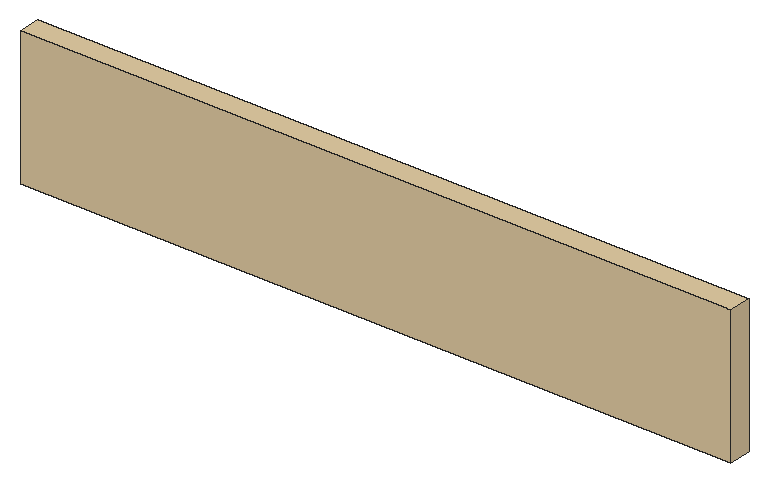
Revit family
Parameters (values of type "38x235")
  시작 확장 계산 [instance] = 3000 mm + 시작 확장  # 3000 mm
  시작 확장 [instance] = 0 mm
  끝 확장 계산 [instance] = 3000 mm + 끝 확장  # 3000 mm
  끝 확장 [instance] = 0 mm
  보 재료 [instance] = 목재 - 치수 재목
  Assembly Code = ""
  A = 0.009 m²
  Ix = 1005.15
  Iy = 26.43
  Length [instance] = 1524 mm
  Sx = 5744
  Sy = 56.84
  b = 38.1 mm
  d = 235 mm
Types (2, lengths in mm): name | A | Ix | Iy | Sx | Sy | d
  38x235 | 0.009 m² | 1005.15 | 26.43 | 5744 | 56.84 | 235
  38x286 | 0.010887 m² | 1808.3 | 32.15 | 8497 | 69.13 | 285.8
Reference planes
  plane 1 "중심(앞/뒤)": y = 0
  plane 2: z = 0
  plane 3 "중심(왼쪽/오른쪽)": x = 4.61
  plane 4 "왼쪽 부재": x = -604.99
  plane 5 "오른쪽 부재": x = 614.21
  plane 6: y = 19.05
  plane 7: y = -19.05
  plane 8: z = 117.5
  plane 9: z = -117.5
  plane 10 "왼쪽": x = -757.39
  plane 11 "기호를 왼쪽에 부착": x = -452.59
  plane 12 "기호를 오른쪽에 부착": x = 461.81
  plane 13 "오른쪽": x = 766.61
  plane 14: x = -604.99
  plane 15: x = 614.21
  plane 16: x = 2395.01
  plane 17: x = -2385.79
Forms (mm)
  Sweep 1, solid, material "목재 - 치수 재목" <- "보 재료", detail levels medium+fine
    path origin (0, 0, 0) x (1, 0, 0) y (0, 1, 0)
      loop
        line (614.21, 0) -> (-604.99, 0)
    profile "M_직사각형 목재 보-프로파일 : M_직사각형 목재 보-프로파일" origin (4.61, 0, 0) x (0, -1, 0) y (0, 0, 1)
      loop
        line (-19.05, -117.5) -> (19.05, -117.5) -> (19.05, 117.5) -> (-19.05, 117.5) -> (-19.05, -117.5)
Lines and regions (mm)
  symbolic lines, style "기호 부착", detail levels coarse
    curve 1: line (4.61, -19.05, -117.5) -> (4.61, 19.05, -117.5)
    curve 2: line (4.61, -19.05, 117.5) -> (4.61, -19.05, -117.5)
    curve 3: line (4.61, 19.05, 117.5) -> (4.61, -19.05, 117.5)
    curve 4: line (4.61, 19.05, -117.5) -> (4.61, 19.05, 117.5)
Dimensions and locks
  "b": plane 6 to plane 7
  "d": plane 9 to plane 8
  equal spacing: plane 9, plane 2, plane 8
  equal spacing: plane 6, plane 1 "중심(앞/뒤)", plane 7
  "Length": plane 10 "왼쪽" to plane 13 "오른쪽"
  locked: plane 4 "왼쪽 부재" to plane 16 at 3000
  locked: plane 17 to plane 5 "오른쪽 부재" at 3000
  "시작 확장 계산": plane 14 to plane 16
  "끝 확장 계산": plane 17 to plane 15
  aligned and locked: Sweep 1 sketch curve to plane 1 "중심(앞/뒤)"
  aligned and locked: curve 1 to Sweep 1
  aligned and locked: curve 2 to Sweep 1
  aligned and locked: curve 3 to Sweep 1
  aligned and locked: curve 4 to Sweep 1
  aligned and locked: plane 14 to Sweep 1 sketch curve
  aligned and locked: plane 15 to Sweep 1 sketch curve
